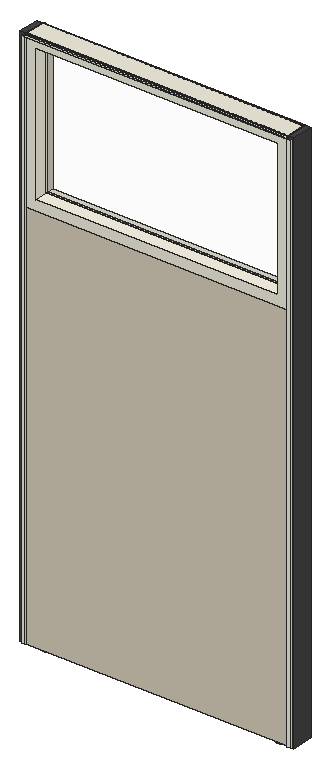
Revit family
Parameters (values of type "48"H x 24"W")
  URL = "http://www.hermanmiller.com/"
  Trim/Top Cap Finish [instance] = Herman Miller - Finish LU Soft White
  Top Cap Thickness = 0' - 0 1/4"  # constant formula
  Tag = "48/24"
  Surface Finish [instance] = Herman Miller - System Fabric 2I03 Grasscloth Sedge
  Product Documentation Link = "http://www.hermanmiller.com/actionoffice/"
  Panel Width = 2' - 0"
  Panel Height = 4' - 0"
  OmniClass Title = "Systems Furniture"  # constant formula
  OmniClass Code = "23.40.70.14.64.21"  # constant formula
  Trim Thickness = 0' - 0 1/4"  # constant formula
  Panel Thickness = 0' - 2"  # constant formula
  Model Name On [instance] = yes
  Model = "AO164.4824"
  Manufacturer = "Herman Miller, Inc."  # constant formula
  Glide Height [instance] = 0' - 0 3/8"
  Keynote = ""
  Glass Finish [instance] = Herman Miller - Glass TR Clear
  Description = "Panel Partial Glazed 48H 24W\r\nPanel Hard Pwr 4-Circ W/No Recp Lc 39H 12W\r\nPanel Hard Pwr 4-Circ W/No Recp Lc 39H 12W"
  Copyright © = "Copyright © Herman Miller, Inc."  # constant formula
  Catalog = "Action Office System (HAO)"  # constant formula
  Assembly Code = "E2020200"
Reference planes (in)
  plane 1 "Panel Center (Front/Back)": y = 0
  plane 2 "Base Bottom": z = 0
  plane 3 "Panel Center (Left/Right)": x = 0
  plane 4 "Left": x = -12
  plane 5 "Right": x = 12
  plane 6 "Panel Top": z = 48.375
  plane 7 "Panel Trim Back": y = 1
  plane 8 "Panel Trim Front": y = -1
  plane 9 "Top Cap Thickness": z = 48.125
  plane 10 "Panel Left": x = -11.75
  plane 11 "Panel Right": x = 11.75
  plane 12 "Panel Front": y = -0.875
  plane 13 "Panel Back": y = 0.875
  plane 14 "Socket Top": z = 4.375
  plane 15 "Glide Space": z = 0.375
  plane 16 "Left Glide Center (Left/Right)": x = -10.25
  plane 17 "Left Glide Left": x = -10.75
  plane 18 "Left Glide Right": x = -9.75
  plane 19 "Left Glide Inset Left": x = -10.5
  plane 20 "Left Glide Inset Right": x = -10
  plane 21 "Right Glide (Center Left/Right)": x = 10.25
  plane 22 "Right Glide Right": x = 10.75
  plane 23 "Right Glide Left": x = 9.75
  plane 24 "Right Glide Right Inset": x = 10.5
  plane 25 "Right Glide Left Inset": x = 10
  plane 26 "Glide Back": y = 0.5
  plane 27 "Glide Back Inset": y = 0.25
  plane 28 "Glide Front Inset": y = -0.25
  plane 29 "Glide Front": y = -0.5
  plane 30 "Reveal Left": x = -11.5
  plane 31 "Reveal Right": x = 11.5
  plane 32 "Reveal Back": y = 0.9375
  plane 33 "Reveal Front": y = -0.9375
  plane 34 "Panel Trim Right": x = 11.8125
  plane 35 "Panel Trim Left": x = -11.8125
  plane 36 "Glide Inset": z = 0.1875
  plane 37 "Glide Top": z = 4.375
  plane 38 "Glaze Edge Top": z = 47.625
  plane 39 "Glaze Top": z = 47.25
  plane 40 "Glaze Bottom": z = 35.8125
  plane 41 "Glaze Edge Bottom": z = 35.4375
  plane 42 "Glaze Frame Bottom": z = 35.5625
  plane 43 "Glaze Frame Top": z = 47.5
  plane 44 "Glaze Frame Left": x = -10.625
  plane 45 "Glaze Left": x = -10.375
  plane 46 "Glaze Frame Right": x = 10.625
  plane 47 "Glaze Right": x = 10.375
  plane 48 "Glaze Back": y = 0.125
  plane 49 "Glaze Front": y = -0.125
  plane 50 "Glaze Frame Front": y = -0.9558
  plane 51 "Glaze Frame Back": y = 0.9558
  plane 52 "Glaze Bottom Ledge": z = 34.6875
  plane 53 "Tag Bottom": y = 2.25
  plane 54 "Glaze Symbol Front": y = -5.3033
  plane 55 "Glaze Symbol Back": y = 5.3033
  plane 56 "Glaze Symbol Right": x = 5.3033
  plane 57 "Glaze Symbol Left": x = -5.3033
Forms (in)
  Extrusion 1, solid, material "Herman Miller - System Fabric 2I03 Grasscloth Sedge" <- "Surface Finish"
    sketch origin (0, 0, 0) x (0, 1, 0) y (0, 0, 1)
      loop
        line (-0.9375, 0.375) -> (0.9375, 0.375) -> (0.9375, 34.6875) -> (-0.9375, 34.6875) -> (-0.9375, 0.375)
    from -11.5 to 11.5
  Extrusion 2, solid, material "Herman Miller - Finish LU Soft White" <- "Trim/Top Cap Finish"
    sketch origin (12, 0, 0) x (0, -1, 0) y (0, 0, -1)
      loop
        arc (0.875, -48.375) -> (0.96339, -48.33839) -> (1, -48.25) r 0.125
        line (1, -48.25) -> (1, -48.125) -> (-1, -48.125) -> (-1, -48.25)
        arc (-1, -48.25) -> (-0.96339, -48.33839) -> (-0.875, -48.375) r 0.125
        line (-0.875, -48.375) -> (0.875, -48.375)
    from -23.5 to -0.5
  Extrusion 3, solid, material "Herman Miller - Finish LU Soft White" <- "Trim/Top Cap Finish", detail levels fine
    sketch origin (0, 0, 48.125) x (-1, 0, 0) y (0, -1, 0)
      loop
        line (11.8125, -1) -> (11.8125, -0.9375) -> (11.5, -0.9375) -> (11.5, -1) -> (11.8125, -1)
      loop
        line (11.8125, 1) -> (11.5, 1) -> (11.5, 0.9375) -> (11.8125, 0.9375) -> (11.8125, 1)
      loop
        line (-11.8125, -1) -> (-11.5, -1) -> (-11.5, -0.9375) -> (-11.8125, -0.9375) -> (-11.8125, -1)
      loop
        line (-11.5, 0.9375) -> (-11.5, 1) -> (-11.8125, 1) -> (-11.8125, 0.9375) -> (-11.5, 0.9375)
    from -47.75 to 0
  Extrusion 4, solid, material "Herman Miller - Finish BK Black"
    sketch origin (0, -0.21306, 48.125) x (-1, 0, 0) y (0, -1, 0)
      loop
        line (12, 0.72444) -> (11.5, 0.72444) -> (11.5, -1.15056) -> (12, -1.15056) -> (12, 0.72444)
      loop
        line (-11.5, -1.15056) -> (-11.5, 0.72444) -> (-12, 0.72444) -> (-12, -1.15056) -> (-11.5, -1.15056)
    from -47.75 to 0.25
  Revolve 5, solid, material "Herman Miller - Finish LU Soft White" <- "Trim/Top Cap Finish", detail levels fine
    sketch origin (0, 0, 0) x (1, 0, 0) y (0, 0, 1)
      loop
        line (-10.25, 0) -> (-9.75, 0) -> (-9.75, 0.1875) -> (-10, 0.1875) -> (-10, 4.375) -> (-10.25, 4.375) -> (-10.25, 0)
      axis (-10.25, 4.375) -> (-10.25, 0)
    angle from 0 to 360
  Revolve 6, solid, material "Herman Miller - Finish LU Soft White" <- "Trim/Top Cap Finish", detail levels fine
    sketch origin (0, 0, 0) x (1, 0, 0) y (0, 0, 1)
      loop
        line (10.25, 0) -> (10.75, 0) -> (10.75, 0.1875) -> (10.5, 0.1875) -> (10.5, 4.375) -> (10.25, 4.375) -> (10.25, 0)
      axis (10.25, 4.375) -> (10.25, 0)
    angle from 0 to 360
  Sweep 7, solid, material "Herman Miller - Finish LU Soft White" <- "Trim/Top Cap Finish"
    path origin (0, 0, 0) x (1, 0, 0) y (0, 0, 1)
      loop
        line (-11.5, 34.6875) -> (11.5, 34.6875) -> (11.5, 48.375) -> (-11.5, 48.375) -> (-11.5, 34.6875)
    profile origin (0, 0, 34.6875) x (0, 0, 1) y (0, -1, 0)
      loop
        line (0, -0.9558) -> (0.875, -0.9558) -> (1.125, -0.125) -> (1.125, 0.125) -> (0.875, 0.9558) -> (0, 0.9558) -> (0, -0.9558)
  Extrusion 8, solid, material "Herman Miller - Glass TR Clear" <- "Glass Finish"
    sketch origin (0, 0, 0) x (0, 1, 0) y (0, 0, 1)
      loop
        line (0.125, 35.8125) -> (0.125, 47.25) -> (-0.125, 47.25) -> (-0.125, 35.8125) -> (0.125, 35.8125)
    from -10.375 to 10.375
Lines and regions (in)
  Masking region 1
    outline origin (0, 0, 0) x (1, 0, 0) y (0, 0, 1)
      loop
        line (-12, 48.375) -> (-12, 0.375) -> (12, 0.375) -> (12, 48.375) -> (-12, 48.375)
  Masking region 2
    outline origin (0, 0, 0) x (0, 1, 0) y (0, 0, 1)
      loop
        line (-1, 0.375) -> (1, 0.375) -> (1, 48.25)
        arc (1, 48.25) -> (0.96339, 48.33839) -> (0.875, 48.375) r 0.125
        line (0.875, 48.375) -> (-0.875, 48.375)
        arc (-0.875, 48.375) -> (-0.96339, 48.33839) -> (-1, 48.25) r 0.125
        line (-1, 48.25) -> (-1, 0.375)
  Masking region 3, detail levels fine
    outline origin (0, 0, 0) x (1, 0, 0) y (0, 0, 1)
      loop
        line (-10.75, 0.1875) -> (-10.75, 0) -> (-9.75, 0) -> (-9.75, 0.1875) -> (-10, 0.1875) -> (-10, 0.875) -> (-10.5, 0.875) -> (-10.5, 0.1875) -> (-10.75, 0.1875)
      loop
        line (9.75, 0) -> (10.75, 0) -> (10.75, 0.1875) -> (10.5, 0.1875) -> (10.5, 0.875) -> (10, 0.875) -> (10, 0.1875) -> (9.75, 0.1875) -> (9.75, 0)
  Masking region 4, detail levels fine
    outline origin (0, 0, 0) x (0, 1, 0) y (0, 0, 1)
      loop
        line (0.5, 0.1875) -> (0.25, 0.1875) -> (0.25, 0.875) -> (-0.25, 0.875) -> (-0.25, 0.1875) -> (-0.5, 0.1875) -> (-0.5, 0) -> (0.5, 0) -> (0.5, 0.1875)
  Masking region 5
    outline origin (0, 0, 48.125) x (-1, 0, 0) y (0, -1, 0)
      loop
        line (12, -1) -> (12, 1) -> (-12, 1) -> (-12, -1) -> (12, -1)
  symbolic lines, style "Hard-SurfacedPanel", detail levels medium+fine
    curve 1: line (-12, 1, 48.125) -> (12, 1, 48.125)
    curve 2: line (-12, -1, 48.125) -> (12, -1, 48.125)
    curve 7: line (11.8125, 0, 0.375) -> (11.8125, 0, 48.125)
    curve 9: line (-11.8125, 0, 48.125) -> (-11.8125, 0, 0.375)
    curve 10: line (-11.8125, 0, 48.125) -> (11.8125, 0, 48.125)
    curve 12: line (0, 0.875, 0.375) -> (0, 0.875, 48.375)
    curve 13: line (0, -0.875, 48.375) -> (0, -0.875, 0.375)
    curve 21: line (10.625, 0, 35.5625) -> (-10.625, 0, 35.5625)
    curve 22: line (-10.625, 0, 47.5) -> (-10.625, 0, 35.5625)
    curve 23: line (10.625, 0, 35.5625) -> (10.625, 0, 47.5)
    curve 24: line (10.625, 0, 47.5) -> (-10.625, 0, 47.5)
    curve 29: line (-11.5, 0, 34.6875) -> (11.5, 0, 34.6875)
    curve 30: line (-11.5, 0, 0.375) -> (-11.5, 0, 48.125)
    curve 31: line (11.5, 0, 48.125) -> (11.5, 0, 0.375)
  symbolic lines, style "Panel Glides", detail levels fine
    curve 3: line (12, -0.5, 0) -> (12, 0.5, 0)
    curve 4: line (9.75, 0, 0) -> (10.75, 0, 0)
    curve 5: line (-10.75, 0, 0) -> (-9.75, 0, 0)
  symbolic lines, style "Hard-SurfacedPanel", detail levels fine
    curve 6: line (11.5, 0, 48.375) -> (11.5, 0, 48.125)
    curve 8: line (-11.5, 0, 48.125) -> (-11.5, 0, 48.375)
    curve 11: line (0, 1, 5.375) -> (0, 1, 48.125)
    curve 14: line (0, -1, 48.125) -> (0, -1, 5.375)
    curve 15: line (0, -1, 48.125) -> (0, -0.875, 48.125)
    curve 16: line (0, 0.875, 48.125) -> (0, 1, 48.125)
    curve 19: line (11.5, 1, 0) -> (11.5, -1, 0)
    curve 20: line (-11.5, 1, 0) -> (-11.5, -1, 0)
    curve 25: line (10.375, 0, 47.25) -> (-10.375, 0, 47.25)
    curve 26: line (-10.375, 0, 47.25) -> (-10.375, 0, 35.8125)
    curve 27: line (-10.375, 0, 35.8125) -> (10.375, 0, 35.8125)
    curve 28: line (10.375, 0, 35.8125) -> (10.375, 0, 47.25)
  symbolic lines, style "Hard-SurfacedPanel", detail levels coarse+medium
    curve 17: line (-12, 1, 0) -> (-12, -1, 0)
    curve 18: line (12, 1, 5.375) -> (12, -1, 5.375)
  symbolic lines, style "Hard-SurfacedPanel", detail levels coarse
    curve 32: line (-5.3033, -5.3033, 0) -> (5.3033, 5.3033, 0)
Text (in)
  text "Exterior" at (-7.52926, 20.81122, 0), in view "Ref. Level"
  text "Interior" at (-7.52926, -15.28519, 0), in view "Ref. Level"
Dimensions and locks (in)
  "Panel Height": plane 6 "Panel Top" to plane 15 "Glide Space"
  equal spacing: plane 4 "Left", plane 3 "Panel Center (Left/Right)", plane 5 "Right"
  "Panel Width": plane 5 "Right" to plane 4 "Left"
  "Top Cap Thickness": plane 6 "Panel Top" to plane 9 "Top Cap Thickness"
  locked: plane 8 "Panel Trim Front" to plane 12 "Panel Front" at 0.125
  locked: plane 13 "Panel Back" to plane 7 "Panel Trim Back" at 0.125
  "Trim Thickness": plane 4 "Left" to plane 10 "Panel Left"
  "Trim Thickness": plane 5 "Right" to plane 11 "Panel Right"
  "Glide Height": plane 15 "Glide Space" to plane 2 "Base Bottom"
  locked: plane 4 "Left" to plane 16 "Left Glide Center (Left/Right)" at 1.75
  locked: plane 17 "Left Glide Left" to plane 16 "Left Glide Center (Left/Right)" at 0.5
  equal spacing: plane 17 "Left Glide Left", plane 16 "Left Glide Center (Left/Right)", plane 18 "Left Glide Right"
  equal spacing: plane 19 "Left Glide Inset Left", plane 16 "Left Glide Center (Left/Right)", plane 20 "Left Glide Inset Right"
  locked: plane 22 "Right Glide Right" to plane 21 "Right Glide (Center Left/Right)" at 0.5
  equal spacing: plane 22 "Right Glide Right", plane 21 "Right Glide (Center Left/Right)", plane 23 "Right Glide Left"
  equal spacing: plane 24 "Right Glide Right Inset", plane 21 "Right Glide (Center Left/Right)", plane 25 "Right Glide Left Inset"
  locked: plane 5 "Right" to plane 21 "Right Glide (Center Left/Right)" at 1.75
  equal spacing: plane 29 "Glide Front", plane 1 "Panel Center (Front/Back)", plane 26 "Glide Back"
  locked: plane 29 "Glide Front" to plane 26 "Glide Back" at 1
  equal spacing: plane 28 "Glide Front Inset", plane 1 "Panel Center (Front/Back)", plane 27 "Glide Back Inset"
  locked: plane 1 "Panel Center (Front/Back)" to plane 27 "Glide Back Inset" at 0.25
  locked: plane 17 "Left Glide Left" to plane 19 "Left Glide Inset Left" at 0.25
  locked: plane 22 "Right Glide Right" to plane 24 "Right Glide Right Inset" at 0.25
  equal spacing: plane 32 "Reveal Back", plane 1 "Panel Center (Front/Back)", plane 33 "Reveal Front"
  locked: plane 32 "Reveal Back" to plane 33 "Reveal Front" at 1.875
  locked: plane 5 "Right" to plane 34 "Panel Trim Right" at 0.1875
  locked: plane 4 "Left" to plane 35 "Panel Trim Left" at 0.1875
  locked: plane 30 "Reveal Left" to plane 35 "Panel Trim Left" at 0.3125
  locked: plane 31 "Reveal Right" to plane 34 "Panel Trim Right" at 0.3125
  locked: plane 9 "Top Cap Thickness" to plane 38 "Glaze Edge Top" at 0.5
  locked: plane 38 "Glaze Edge Top" to plane 43 "Glaze Frame Top" at 0.125
  locked: plane 43 "Glaze Frame Top" to plane 39 "Glaze Top" at 0.25
  locked: plane 39 "Glaze Top" to plane 40 "Glaze Bottom" at 11.4375
  locked: plane 40 "Glaze Bottom" to plane 42 "Glaze Frame Bottom" at 0.25
  locked: plane 42 "Glaze Frame Bottom" to plane 41 "Glaze Edge Bottom" at 0.125
  locked: plane 5 "Right" to plane 46 "Glaze Frame Right" at 1.375
  locked: plane 5 "Right" to plane 47 "Glaze Right" at 1.625
  locked: plane 4 "Left" to plane 44 "Glaze Frame Left" at 1.375
  locked: plane 4 "Left" to plane 45 "Glaze Left" at 1.625
  plane 7 "Panel Trim Back" to plane 51 "Glaze Frame Back" = 0' - 0.0442"
  locked: plane 51 "Glaze Frame Back" to plane 32 "Reveal Back" at 0.0183
  equal spacing: plane 48 "Glaze Back", plane 1 "Panel Center (Front/Back)", plane 49 "Glaze Front"
  locked: plane 48 "Glaze Back" to plane 49 "Glaze Front" at 0.25
  plane 27 "Glide Back Inset" to plane 1 "Panel Center (Front/Back)" to plane 28 "Glide Front Inset" = 0' - 0 1/4" locked, 0' - 0 1/4" locked
  plane 26 "Glide Back" to plane 1 "Panel Center (Front/Back)" to plane 29 "Glide Front" = 0' - 0 1/2" locked, 0' - 0 1/2" locked
  locked: plane 8 "Panel Trim Front" to plane 50 "Glaze Frame Front" at 0.0442
  locked: plane 33 "Reveal Front" to plane 50 "Glaze Frame Front" at 0.0183
  locked: plane 41 "Glaze Edge Bottom" to plane 52 "Glaze Bottom Ledge" at 0.75
  plane 40 "Glaze Bottom" to Extrusion 1 = 0' - 1 1/8"
  locked: plane 53 "Tag Bottom" to plane 7 "Panel Trim Back" at 1.25
  locked: plane 55 "Glaze Symbol Back" to plane 7 "Panel Trim Back" at 4.3033
  locked: plane 54 "Glaze Symbol Front" to plane 8 "Panel Trim Front" at 4.3033
  plane 57 "Glaze Symbol Left" to plane 3 "Panel Center (Left/Right)" to plane 56 "Glaze Symbol Right" = 0' - 5.3033" locked, 0' - 5.3033" locked
  aligned and locked: Extrusion 2 sketch curve to plane 7 "Panel Trim Back"
  aligned and locked: Extrusion 2 sketch curve to plane 6 "Panel Top"
  aligned and locked: Extrusion 2 sketch curve to plane 8 "Panel Trim Front"
  aligned and locked: plane 9 "Top Cap Thickness" to Extrusion 2 sketch curve
  aligned and locked: plane 5 "Right" to curve 1
  aligned and locked: plane 5 "Right" to curve 2
  aligned and locked: curve 1 to plane 7 "Panel Trim Back"
  aligned and locked: plane 8 "Panel Trim Front" to curve 2
  aligned and locked: Masking region 1 sketch curve to plane 5 "Right"
  aligned and locked: Masking region 1 sketch curve to plane 4 "Left"
  aligned and locked: Masking region 1 sketch curve to plane 6 "Panel Top"
  aligned and locked: plane 4 "Left" to curve 1
  aligned and locked: plane 4 "Left" to curve 2
  aligned and locked: plane 15 "Glide Space" to Masking region 1 sketch curve
  aligned and locked: plane 15 "Glide Space" to Masking region 2 sketch curve
  aligned and locked: Masking region 2 sketch curve to plane 8 "Panel Trim Front"
  aligned and locked: plane 26 "Glide Back" to curve 3
  aligned and locked: plane 29 "Glide Front" to curve 3
  aligned and locked: plane 22 "Right Glide Right" to curve 4
  aligned and locked: plane 23 "Right Glide Left" to curve 4
  aligned and locked: plane 18 "Left Glide Right" to curve 5
  aligned and locked: plane 17 "Left Glide Left" to curve 5
  aligned and locked: Extrusion 1 to plane 30 "Reveal Left"
  aligned and locked: Extrusion 1 to plane 31 "Reveal Right"
  aligned and locked: Extrusion 3 sketch curve to plane 35 "Panel Trim Left"  (x2)
  aligned and locked: Extrusion 3 sketch curve to plane 30 "Reveal Left"  (x2)
  aligned and locked: plane 34 "Panel Trim Right" to Extrusion 3 sketch curve  (x2)
  aligned and locked: plane 31 "Reveal Right" to Extrusion 3 sketch curve  (x2)
  aligned and locked: Extrusion 4 sketch curve to plane 30 "Reveal Left"
  aligned and locked: plane 31 "Reveal Right" to Extrusion 4 sketch curve
  aligned and locked: plane 9 "Top Cap Thickness" to Extrusion 3
  aligned and locked: curve 6 to Extrusion 3
  aligned and locked: Extrusion 3 to curve 7
  aligned and locked: Revolve 5 sketch curve to level
  aligned and locked: Revolve 5 sketch curve to plane 36 "Glide Inset"
  aligned and locked: Revolve 5 sketch curve to plane 16 "Left Glide Center (Left/Right)"
  aligned and locked: plane 20 "Left Glide Inset Right" to Revolve 5 sketch curve
  aligned and locked: plane 18 "Left Glide Right" to Revolve 5 sketch curve
  aligned and locked: Revolve 5 sketch curve to plane 37 "Glide Top"
  aligned and locked: plane 21 "Right Glide (Center Left/Right)" to Revolve 6 sketch curve
  aligned and locked: Revolve 6 sketch curve to plane 36 "Glide Inset"
  aligned and locked: Revolve 6 sketch curve to level
  aligned and locked: plane 22 "Right Glide Right" to Revolve 6 sketch curve
  aligned and locked: plane 24 "Right Glide Right Inset" to Revolve 6 sketch curve
  aligned and locked: Revolve 6 sketch curve to plane 37 "Glide Top"
  aligned and locked: Revolve 6 sketch curve to plane 21 "Right Glide (Center Left/Right)"
  aligned and locked: plane 37 "Glide Top" to plane 14 "Socket Top"
  aligned and locked: Masking region 3 sketch curve to plane 36 "Glide Inset"
  aligned and locked: Masking region 3 sketch curve to level
  aligned and locked: Masking region 3 sketch curve to plane 17 "Left Glide Left"
  aligned and locked: plane 18 "Left Glide Right" to Masking region 3 sketch curve
  aligned and locked: plane 20 "Left Glide Inset Right" to Masking region 3 sketch curve
  aligned and locked: Masking region 3 sketch curve to plane 19 "Left Glide Inset Left"
  aligned and locked: Masking region 3 sketch curve to plane 23 "Right Glide Left"
  aligned and locked: plane 22 "Right Glide Right" to Masking region 3 sketch curve
  aligned and locked: Masking region 3 sketch curve to plane 25 "Right Glide Left Inset"
  aligned and locked: plane 24 "Right Glide Right Inset" to Masking region 3 sketch curve
  aligned and locked: plane 36 "Glide Inset" to Masking region 4 sketch curve
  aligned and locked: level to Masking region 4 sketch curve
  aligned and locked: plane 26 "Glide Back" to Masking region 4 sketch curve
  aligned and locked: plane 29 "Glide Front" to Masking region 4 sketch curve
  aligned and locked: plane 28 "Glide Front Inset" to Masking region 4 sketch curve
  aligned and locked: plane 27 "Glide Back Inset" to Masking region 4 sketch curve
  aligned and locked: plane 5 "Right" to Masking region 1
  aligned and locked: plane 5 "Right" to Extrusion 4  (x4)
  aligned and locked: plane 4 "Left" to Extrusion 4
  aligned and locked: plane 4 "Left" to Masking region 1
  aligned and locked: Extrusion 4 to plane 4 "Left"
  aligned and locked: plane 3 "Panel Center (Left/Right)" to nested 1
  aligned and locked: Masking region 5 sketch curve to plane 5 "Right"
  aligned and locked: Masking region 5 sketch curve to plane 7 "Panel Trim Back"
  aligned and locked: plane 8 "Panel Trim Front" to Masking region 5 sketch curve
  aligned and locked: plane 4 "Left" to Masking region 5
  aligned and locked: plane 4 "Left" to Masking region 5 sketch curve
  aligned and locked: Masking region 2 sketch curve to Extrusion 2  (x2)
  aligned and locked: Extrusion 2 to plane 30 "Reveal Left"
  aligned and locked: Extrusion 2 to plane 31 "Reveal Right"
  aligned and locked: plane 6 "Panel Top" to Extrusion 4
  aligned and locked: Extrusion 2 to plane 9 "Top Cap Thickness"
  aligned and locked: plane 9 "Top Cap Thickness" to curve 16
  aligned and locked: plane 13 "Panel Back" to curve 16
  aligned and locked: plane 12 "Panel Front" to curve 15
  aligned and locked: plane 30 "Reveal Left" to Extrusion 4  (x4)
  aligned and locked: plane 31 "Reveal Right" to Extrusion 4  (x4)
  aligned and locked: curve 9 to plane 35 "Panel Trim Left"
  aligned and locked: plane 6 "Panel Top" to curve 8
  aligned and locked: plane 9 "Top Cap Thickness" to curve 15
  aligned and locked: plane 30 "Reveal Left" to curve 8
  aligned and locked: curve 20 to plane 30 "Reveal Left"
  aligned and locked: plane 31 "Reveal Right" to curve 19
  aligned and locked: Extrusion 3 sketch curve to plane 32 "Reveal Back"  (x2)
  aligned and locked: Extrusion 3 sketch curve to plane 7 "Panel Trim Back"  (x2)
  aligned and locked: plane 30 "Reveal Left" to Extrusion 3 sketch curve
  aligned and locked: plane 8 "Panel Trim Front" to Extrusion 3 sketch curve  (x2)
  aligned and locked: plane 33 "Reveal Front" to Extrusion 3 sketch curve  (x2)
  aligned and locked: plane 32 "Reveal Back" to Extrusion 4  (x3)
  aligned and locked: plane 33 "Reveal Front" to Extrusion 4  (x4)
  aligned and locked: Extrusion 3 to plane 33 "Reveal Front"  (x2)
  aligned and locked: Extrusion 1 sketch curve to plane 33 "Reveal Front"
  aligned and locked: Extrusion 1 sketch curve to plane 32 "Reveal Back"
  aligned and locked: Extrusion 4 sketch curve to plane 32 "Reveal Back"
  aligned and locked: plane 33 "Reveal Front" to Extrusion 4 sketch curve
  aligned and locked: plane 37 "Glide Top" to Revolve 6  (x2)
  aligned and locked: plane 19 "Left Glide Inset Left" to Masking region 3
  aligned and locked: plane 37 "Glide Top" to Revolve 5
  aligned and locked: plane 4 "Left" to curve 17
  aligned and locked: plane 8 "Panel Trim Front" to Extrusion 3  (x4)
  aligned and locked: plane 8 "Panel Trim Front" to Masking region 5
  aligned and locked: plane 7 "Panel Trim Back" to Extrusion 3  (x2)
  aligned and locked: plane 7 "Panel Trim Back" to Extrusion 2
  aligned and locked: plane 32 "Reveal Back" to Extrusion 1
  aligned and locked: plane 33 "Reveal Front" to Extrusion 1
  aligned and locked: curve 18 to plane 5 "Right"
  aligned and locked: plane 7 "Panel Trim Back" to Masking region 5
  aligned and locked: Extrusion 3 to plane 32 "Reveal Back"  (x2)
  aligned and locked: curve 14 to plane 8 "Panel Trim Front"
  aligned and locked: curve 13 to plane 12 "Panel Front"
  aligned and locked: curve 12 to plane 13 "Panel Back"
  aligned and locked: curve 11 to plane 7 "Panel Trim Back"
  aligned and locked: Extrusion 3 to Extrusion 1
  aligned and locked: Extrusion 1 to plane 15 "Glide Space"
  aligned and locked: Extrusion 3 to plane 15 "Glide Space"
  aligned and locked: Extrusion 4 to plane 15 "Glide Space"
  aligned and locked: Masking region 1 to plane 15 "Glide Space"
  aligned and locked: plane 15 "Glide Space" to Extrusion 3  (x2)
  aligned and locked: plane 15 "Glide Space" to curve 7
  aligned and locked: plane 15 "Glide Space" to curve 12
  aligned and locked: Sweep 7 sketch curve to plane 52 "Glaze Bottom Ledge"  (x2)
  aligned and locked: Sweep 7 sketch curve to plane 31 "Reveal Right"
  aligned and locked: plane 6 "Panel Top" to Sweep 7 sketch curve
  aligned and locked: Sweep 7 sketch curve to plane 30 "Reveal Left"
  aligned and locked: plane 51 "Glaze Frame Back" to Sweep 7 sketch curve  (x2)
  aligned and locked: plane 50 "Glaze Frame Front" to Sweep 7 sketch curve  (x2)
  aligned and locked: plane 40 "Glaze Bottom" to Sweep 7 sketch curve  (x2)
  aligned and locked: plane 42 "Glaze Frame Bottom" to Sweep 7 sketch curve
  aligned and locked: plane 40 "Glaze Bottom" to Extrusion 8 sketch curve
  aligned and locked: plane 49 "Glaze Front" to Extrusion 8 sketch curve
  aligned and locked: plane 48 "Glaze Back" to Extrusion 8 sketch curve
  aligned and locked: plane 39 "Glaze Top" to Extrusion 8 sketch curve
  aligned and locked: curve 21 to Sweep 7
  aligned and locked: curve 22 to Sweep 7
  aligned and locked: curve 23 to Sweep 7
  aligned and locked: curve 24 to Sweep 7
  aligned and locked: curve 25 to Extrusion 8
  aligned and locked: curve 26 to Extrusion 8
  aligned and locked: curve 27 to Extrusion 8
  aligned and locked: curve 28 to Extrusion 8
  aligned and locked: curve 29 to Sweep 7
  aligned and locked: curve 30 to Extrusion 3
  aligned and locked: curve 31 to Extrusion 3
  aligned and locked: plane 45 "Glaze Left" to Extrusion 8
  aligned and locked: plane 47 "Glaze Right" to Extrusion 8
  aligned and locked: nested 1 to plane 53 "Tag Bottom"
  aligned and locked: plane 55 "Glaze Symbol Back" to curve 32
  aligned and locked: plane 56 "Glaze Symbol Right" to curve 32
  aligned and locked: plane 54 "Glaze Symbol Front" to curve 32
  aligned and locked: plane 57 "Glaze Symbol Left" to curve 32
Automatic sketch dimensions
  plane 6 "Panel Top" to Extrusion 2 sketch curve = 0' - 0 1/8"
  plane 8 "Panel Trim Front" to Extrusion 2 sketch curve = 0' - 0 1/8"
  plane 13 "Panel Back" to Extrusion 4 sketch curve = 0' - 0 1/16"
  plane 12 "Panel Front" to Extrusion 4 sketch curve = 0' - 0 1/16"
  curve 3 to level = 0' - 0"
  Revolve 5 sketch curve to plane 16 "Left Glide Center (Left/Right)" = 0' - 0"
  Revolve 5 sketch curve to level = 0' - 0 3/8"
  Revolve 6 sketch curve to level = 0' - 0.22708"
  Revolve 6 sketch curve to Revolve 6 sketch curve = 0' - 0.14792"
  Masking region 3 sketch curve to level = 0' - 0"
  Masking region 3 sketch curve to plane 36 "Glide Inset" = 0' - 0"  (x3)
  Masking region 4 sketch curve to Masking region 4 sketch curve = 0' - 0"
  Extrusion 4 sketch curve to plane 5 "Right" = 0' - 0"
  Extrusion 4 sketch curve to plane 4 "Left" = 0' - 0"
  curve 18 to plane 7 "Panel Trim Back" = 0' - 0"
  curve 18 to plane 8 "Panel Trim Front" = 0' - 0"
  Extrusion 1 sketch curve to plane 15 "Glide Space" = 0' - 0"
  curve 6 to plane 6 "Panel Top" = 0' - 0"
  curve 6 to plane 31 "Reveal Right" = 0' - 0"
  curve 4 to level = 0' - 0"
  curve 5 to level = 0' - 0"
  curve 9 to plane 15 "Glide Space" = 0' - 0"
  curve 7 to plane 9 "Top Cap Thickness" = 0' - 0"
  curve 7 to plane 34 "Panel Trim Right" = 0' - 0"
  plane 15 "Glide Space" to Masking region 3 sketch curve = 0' - 0 1/2"  (x2)
  plane 15 "Glide Space" to Masking region 4 sketch curve = 0' - 0 1/2"
  Revolve 5 sketch curve to Revolve 5 sketch curve = 0' - 0 1/2"
  curve 13 to plane 15 "Glide Space" = 0' - 0"
  curve 12 to plane 6 "Panel Top" = 0' - 0"
  curve 13 to plane 6 "Panel Top" = 0' - 0"
  plane 14 "Socket Top" to curve 14 = 0' - 1"
  plane 14 "Socket Top" to curve 11 = 0' - 1"
  Extrusion 1 sketch curve to plane 41 "Glaze Edge Bottom" = 0' - 0 3/4"
  Sweep 7 sketch curve to Sweep 7 sketch curve = 0' - 0 1/4"
  Sweep 7 sketch curve to plane 1 "Panel Center (Front/Back)" = 0' - 0 1/8"
  plane 1 "Panel Center (Front/Back)" to Sweep 7 sketch curve = 0' - 0 1/8"
  curve 26 to plane 40 "Glaze Bottom" = 0' - 0"
  curve 26 to plane 45 "Glaze Left" = 0' - 0"
  curve 25 to plane 39 "Glaze Top" = 0' - 0"
  curve 25 to plane 47 "Glaze Right" = 0' - 0"
  curve 29 to plane 30 "Reveal Left" = 0' - 0"
  curve 29 to plane 31 "Reveal Right" = 0' - 0"
  curve 30 to plane 15 "Glide Space" = 0' - 0"
  curve 31 to plane 15 "Glide Space" = 0' - 0"
  curve 20 to plane 8 "Panel Trim Front" = 0' - 0"
  curve 19 to plane 8 "Panel Trim Front" = 0' - 0"
  curve 17 to plane 8 "Panel Trim Front" = 0' - 0"
  curve 20 to plane 7 "Panel Trim Back" = 0' - 0"
  curve 19 to plane 7 "Panel Trim Back" = 0' - 0"
  curve 17 to plane 7 "Panel Trim Back" = 0' - 0"
Nested families (in)
  nested 1: "Label 1-16" at (0, 2.25, 0), visible <- "Model Name On", type "Model Name", detail levels coarse
Definition of nested family "Label 1-16"
  Parameters (values of type "Model Name")
    Width = 0' - 0 47/64"
    Model Name = "H39/12G"
  Reference planes (in)
    plane 1: y = 0
    plane 2: x = 0
  Text (in)
    label "XX" at (-0.00532, -0.00012, 0), shows "Model Name"
